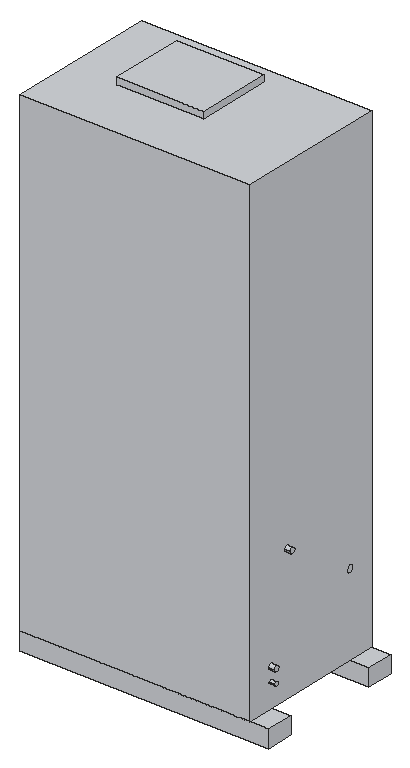
Revit family "M_Ar condicionado - Pacote vertical - Resfriado a ar - 11-18 kW", category Equipamento mecânico, Revit 2019
Family settings
  Cota do conector redondo = Usar raio
  Tipo de parte = Normal
  Número OmniClass = 23.75.10.24.21.27.11
  Título OmniClass = Packaged Air Conditioners
  ID de item do Seek = Air Conditioner - Vertical Packaged - Air Cooled - 11-18 kW-0000-CAN-ENU
  Com base no plano de trabalho = Não
  Sempre na vertical = Sim
  Corte com vazios quando carregada = Não
  Compartilhado = Não
  Ponto de cálculo do ambiente = Não
Parameters (values of type "18 kW")
  Voltagem = 460 V
  Raio da saída = 10 mm
  Diâmetro da saída = Raio da saída * 2  # 20 mm
  Número de pólos = 3
  Material = none
  Classificação de carga = Refrigeração
  Raio da embocadura = 6 mm
  Diâmetro da embocadura = Raio da embocadura * 2  # 12 mm
  Altura 1 = 532.9 mm
  Largura do duto = 350 mm
  Altura do duto = 300 mm
  Raio da drenagem = 10 mm
  Fluxo da drenagem [instance] = 0.0 L/s
  Largura do condicionador = 609.9 mm
  Comprimento do condicionador = 924.8 mm
  Altura do condicionador = 1929.9 mm
  C5 Deslocamento 2 = 180.4 mm
  C5 Deslocamento 1 = 614.7 mm
  C3 Deslocamento 1 = 196.4 mm
  C4 Deslocamento 2 = 330.7 mm
  C4 Deslocamento 1 = 110.5 mm
  C2 Deslocamento 2 = 54.9 mm
  C1 Deslocamento 2 = 100.1 mm
  C1 Deslocamento 1 = 100.1 mm
  Carga aparente = 6000 VA
  Fluxo de ar [instance] = 943.89 L/s
Types (3, lengths in mm): name | Altura 1 | Largura do duto | Altura do duto | Largura do condicionador | Comprimento do condicionador | Altura do condicionador | C5 Deslocamento 2 | C5 Deslocamento 1 | C3 Deslocamento 1 | C4 Deslocamento 2 | Fluxo de ar
  (no name) | 532.9 | 350 | 300 | 609.9 | 924.8 | 1929.9 | 180.4 | 614.7 | 196.4 | 330.7 | 943.89 L/s
  11 kW | 396.3 | 300 | 270 | 564.9 | 810 | 1630 | 159.5 | 513.1 | 143.5 | 260.8 | 566.34 L/s
  18 kW | 532.9 | 350 | 300 | 609.9 | 924.8 | 1929.9 | 180.4 | 614.7 | 196.4 | 330.7 | 943.89 L/s
Reference planes
  plane 1 "Centro (Frente/Trás)": y = 0
  plane 2: z = 0
  plane 3 "Centro (Esquerda/Direita)": x = 0
  plane 4: y = 609.9
  plane 5: x = 924.8
  plane 6: z = 2000.004
  plane 7: z = 70.104
  plane 8: z = 1035.054
  plane 9: z = 1301.506
  plane 10: x = 50.8
  plane 11: x = 874
  plane 12: y = 500.68
  plane 13: y = 109.22
  plane 14: x = 1001
  plane 15: y = 100.1
  plane 16: z = 225.104
  plane 17: z = 170.204
  plane 18: y = 499.4
  plane 19: z = 400.804
  plane 20: x = 950.2
  plane 21: x = 899.4
  plane 22: x = -25.4
  plane 23: x = 196.4
  plane 24: y = 542.082
  plane 25: y = 242.082
  plane 26: x = 546.4
  plane 27: z = 614.7
  plane 28: y = 180.4
Forms (mm)
  Extrusion 1, solid, material <- "Material"
    sketch origin (0, 0, 0) x (1, 0, 0) y (0, 1, 0)
      loop
        line (0, 609.9) -> (0, 0) -> (924.8, 0) -> (924.8, 609.9) -> (0, 609.9)
    from 70.104 to 2000.004
  Extrusion 2, solid, material <- "Material"
    sketch origin (0, 0, 0) x (1, 0, 0) y (0, 1, 0)
      loop
        line (0, 609.9) -> (0, 500.68) -> (1001, 500.68) -> (1001, 609.9) -> (0, 609.9)
    from 0 to 70.104
  Extrusion 3, solid, material <- "Material"
    sketch origin (0, 0, 0) x (1, 0, 0) y (0, 1, 0)
      loop
        line (0, 109.22) -> (0, 0) -> (1001, 0) -> (1001, 109.22) -> (0, 109.22)
    from 0 to 70.104
  Extrusion 4, solid, material <- "Material"
    sketch origin (0, 0, 0) x (0, 1, 0) y (0, 0, 1)
      loop
        circle (100.1, 225.104) r 10
    from 924.8 to 950.2
  Extrusion 5, solid, material <- "Material"
    sketch origin (0, 0, 0) x (0, 1, 0) y (0, 0, 1)
      loop
        circle (100.1, 170.204) r 6
    from 924.8 to 950.2
  Extrusion 6, solid, material <- "Material"
    sketch origin (0, 0, 0) x (0, 1, 0) y (0, 0, 1)
      loop
        circle (499.4, 400.804) r 12.7
    from 899.4 to 924.8
  Extrusion 7, solid
    sketch origin (0, 0, 0) x (1, 0, 0) y (0, 1, 0)
      loop
        line (196.4, 542.082) -> (196.4, 242.082) -> (546.4, 242.082) -> (546.4, 542.082) -> (196.4, 542.082)
    from 2000.004 to 2025.404
  Extrusion 8, solid
    sketch origin (0, 0, 0) x (0, 1, 0) y (0, 0, 1)
      loop
        circle (180.4, 614.7) r 10
    from 924.8 to 950.2
Lines and regions (mm)
  model lines, detail levels fine
    curve 1: line (50.8, 0, 1301.506) -> (874, 0, 1301.506)
    curve 2: line (50.8, 0, 768.602) -> (50.8, 0, 1301.506)
    curve 3: line (874, 0, 768.602) -> (50.8, 0, 768.602)
    curve 4: line (874, 0, 1301.506) -> (874, 0, 768.602)
    curve 5: line (50.8, 0, 1035.054) -> (874, 0, 1035.054)
    curve 6: line (50.8, 0, 1212.689) -> (874, 0, 1212.689)
    curve 7: line (50.8, 0, 946.237) -> (874, 0, 946.237)
    curve 8: line (50.8, 0, 857.419) -> (874, 0, 857.419)
    curve 9: line (50.8, 0, 1123.871) -> (874, 0, 1123.871)
Dimensions and locks
  "Comprimento do condicionador": plane 3 "Centro (Esquerda/Direita)" to plane 5
  "Largura do condicionador": plane 4 to plane 1 "Centro (Frente/Trás)"
  locked: plane 7 to plane 2 at 70.104
  "Altura do condicionador": plane 6 to plane 7
  equal spacing: plane 6, plane 8, plane 7
  plane 9 to plane 8 = 266.452 mm
  locked: plane 10 to plane 3 "Centro (Esquerda/Direita)" at 50.8
  locked: plane 5 to plane 11 at 50.8
  locked: plane 4 to plane 12 at 109.22
  locked: plane 13 to plane 1 "Centro (Frente/Trás)" at 109.22
  locked: plane 5 to plane 14 at 76.2
  "C1 Deslocamento 1": plane 1 "Centro (Frente/Trás)" to plane 15
  "C1 Deslocamento 2": plane 17 to plane 7
  "C2 Deslocamento 2": plane 16 to plane 17
  "C4 Deslocamento 1": plane 18 to plane 4
  "C4 Deslocamento 2": plane 19 to plane 7
  locked: plane 20 to plane 5 at 25.4
  locked: plane 5 to plane 21 at 25.4
  locked: plane 3 "Centro (Esquerda/Direita)" to plane 22 at 25.4
  equal spacing: curve 1, curve 6, curve 9, curve 5, curve 7, curve 8, curve 3
  "C3 Deslocamento 1": plane 3 "Centro (Esquerda/Direita)" to plane 23
  locked: plane 4 to plane 24 at 67.818
  "Largura do duto": plane 23 to plane 26
  "Altura do duto": plane 24 to plane 25
  locked: Extrusion 7 to Extrusion 7 at 25.4
  "C5 Deslocamento 2": plane 28 to plane 1 "Centro (Frente/Trás)"
  "C5 Deslocamento 1": plane 27 to plane 2
  "Raio da saída": radius of Extrusion 4 sketch curve
  "Raio da embocadura": radius of Extrusion 5 sketch curve
  radius of Extrusion 6 sketch curve = 12.7 mm
  "Raio da drenagem": radius of Extrusion 8 sketch curve
  aligned and locked: Extrusion 1 to plane 3 "Centro (Esquerda/Direita)"
  aligned and locked: plane 4 to Extrusion 1
  aligned and locked: plane 5 to Extrusion 1
  aligned and locked: plane 1 "Centro (Frente/Trás)" to Extrusion 1
  aligned and locked: plane 6 to Extrusion 1
  aligned and locked: Extrusion 1 to plane 7
  aligned and locked: plane 10 to curve 1
  aligned and locked: curve 1 to plane 9
  aligned and locked: curve 4 to plane 11
  aligned and locked: Extrusion 2 to plane 12
  aligned and locked: plane 13 to Extrusion 3
  aligned and locked: plane 4 to Extrusion 2
  aligned and locked: plane 1 "Centro (Frente/Trás)" to Extrusion 3
  aligned and locked: plane 14 to Extrusion 2
  aligned and locked: Extrusion 3 to plane 14
  aligned and locked: Extrusion 2 to plane 3 "Centro (Esquerda/Direita)"
  aligned and locked: Extrusion 3 to plane 3 "Centro (Esquerda/Direita)"
  aligned and locked: Extrusion 3 to plane 2
  aligned and locked: Extrusion 2 to plane 2
  aligned and locked: plane 7 to Extrusion 3
  aligned and locked: plane 7 to Extrusion 2
  aligned and locked: plane 16 to Extrusion 4 sketch curve
  aligned and locked: plane 15 to Extrusion 4 sketch curve
  aligned and locked: plane 15 to Extrusion 5 sketch curve
  aligned and locked: plane 17 to Extrusion 5 sketch curve
  aligned and locked: plane 18 to Extrusion 6 sketch curve
  aligned and locked: plane 19 to Extrusion 6 sketch curve
  aligned and locked: plane 20 to Extrusion 4
  aligned and locked: plane 20 to Extrusion 5
  aligned and locked: Extrusion 4 to plane 5
  aligned and locked: Extrusion 5 to plane 5
  aligned and locked: plane 21 to Extrusion 6
  aligned and locked: plane 5 to Extrusion 6
  aligned and locked: plane 10 to curve 6
  aligned and locked: plane 11 to curve 6
  aligned and locked: plane 23 to Extrusion 7 sketch curve
  aligned and locked: Extrusion 7 sketch curve to plane 24
  aligned and locked: plane 25 to Extrusion 7 sketch curve
  aligned and locked: Extrusion 7 sketch curve to plane 26
  aligned and locked: Extrusion 7 to Extrusion 1
  aligned and locked: plane 28 to Extrusion 8 sketch curve
  aligned and locked: plane 27 to Extrusion 8 sketch curve
  aligned and locked: Extrusion 8 to Extrusion 4
  aligned and locked: Extrusion 8 to Extrusion 1
Automatic sketch dimensions
  Extrusion 1 sketch curve to plane 1 "Centro (Frente/Trás)" = 0 mm
  Extrusion 1 sketch curve to plane 3 "Centro (Esquerda/Direita)" = 0 mm
  Extrusion 1 sketch curve to plane 5 = 0 mm
  Extrusion 1 sketch curve to plane 4 = 0 mm
  Extrusion 2 sketch curve to plane 3 "Centro (Esquerda/Direita)" = 0 mm
  plane 5 to Extrusion 2 sketch curve = 76.2 mm
  Extrusion 2 sketch curve to plane 4 = 109.22 mm
  Extrusion 2 sketch curve to plane 4 = 0 mm
  Extrusion 3 sketch curve to plane 3 "Centro (Esquerda/Direita)" = 0 mm
  Extrusion 3 sketch curve to plane 1 "Centro (Frente/Trás)" = 0 mm
  plane 5 to Extrusion 3 sketch curve = 76.2 mm
  Extrusion 3 sketch curve to Extrusion 3 sketch curve = 109.22 mm
  curve 5 to plane 8 = 0 mm
Connectors
  piping at (950.2, 100.1, 170.204), diameter 12, driven by "Raio da embocadura"
    settings: on Extrusion 5, index 1, connector inside diameter 12 mm, connector length 0 mm, flow factor 0, pipe flow 0.0 L/s, pressure drop 0.0 Pa, fitting loss kfactor 0, connector angle 0.00°, fixture units 0, engagement length 0 mm, angle of deflection 0.00°, flow configuration 1, flow direction 1, fitting loss method 0, system type 22, joint type 0, gender type 0, connector reference index -1, connector utility 0, adjustable connector no, is connector primary yes, connector description "Entrada de material criogênico"
  piping at (950.2, 100.1, 225.104), diameter 20, driven by "Raio da saída"
    settings: on Extrusion 4, index 2, connector inside diameter 20 mm, connector length 0 mm, flow factor 0, pipe flow 0.0 L/s, pressure drop 2688.96 Pa, fitting loss kfactor 0, connector angle 0.00°, fixture units 0, engagement length 0 mm, angle of deflection 0.00°, flow configuration 1, flow direction 2, fitting loss method 0, system type 22, joint type 0, gender type 0, connector reference index -1, connector utility 0, adjustable connector no, is connector primary no, connector description "Saída de material criogênico"
  electrical at (924.8, 499.4, 400.804), driven by "Carga aparente", driven by "Voltagem", driven by "Número de pólos", driven by "Classificação de carga"
    settings: on Extrusion 6, index 5, voltage 460 V, apparent load 6000 VA, apparent load phase1 0 VA, apparent load phase2 0 VA, apparent load phase3 0 VA, power factor 0.8, load classification "Refrigeração", number of poles 3, system type 30, power factor state 1, is connector primary yes, connector utility no, sub classification motor no, connector description ""
  hvac at (371.4, 392.082, 2025.404), driven by "Fluxo de ar", driven by "Altura do duto", driven by "Largura do duto"
    settings: on Extrusion 7, index 6, duct flow 943.89 L/s, flow factor 0, pres drop 0.0 Pa, loss coef 0, conn angle 0.00°, conn width 350 mm, conn height 300 mm, conn diameter 609.6 mm, duct sys type 1, conn prof type 1, flow config 0, flow direction 2, loss method 0, conn ref index -1, conn util no, is conn primary yes, conn desc ""
  piping at (950.2, 180.4, 614.7), diameter 20, driven by "Fluxo da drenagem", driven by "Raio da drenagem"
    settings: on Extrusion 8, index 7, connector inside diameter 20 mm, connector length 0 mm, flow factor 0, pipe flow 0.0 L/s, pressure drop 0.0 Pa, fitting loss kfactor 0, connector angle 0.00°, fixture units 0, engagement length 0 mm, angle of deflection 0.00°, flow configuration 1, flow direction 2, fitting loss method 0, system type 16, joint type 0, gender type 0, connector reference index -1, connector utility 0, adjustable connector yes, is connector primary no, connector description ""
